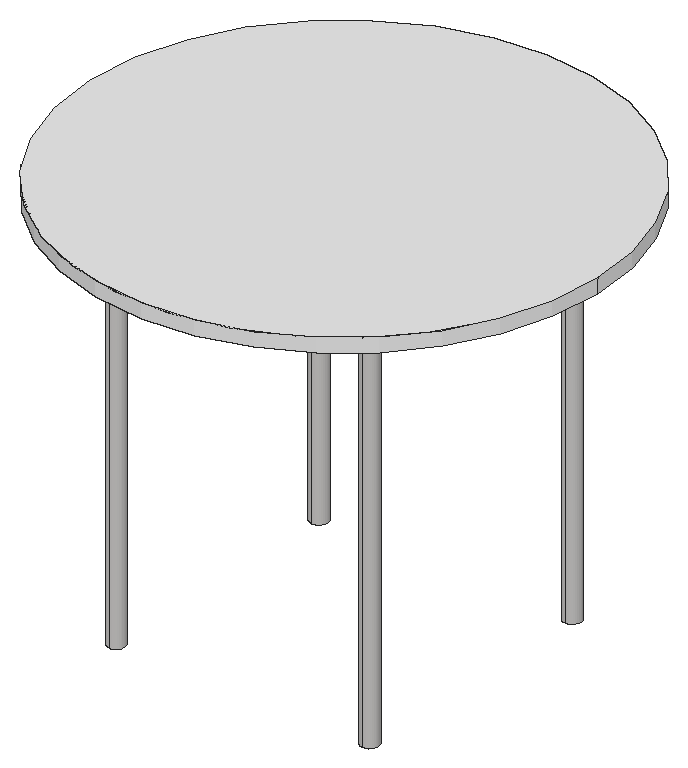
Revit family "Furniture_Table_Spacestor_Mezzo", category Furniture, Revit 2015
Parameters (values of type "Circular")
  trap depth [instance] = sqrt((((Width / 2) ^ 2) - (Width / 4) ^ 2))  # 389.711 mm
  Wsq [instance] = Width ^ 2  # 810000.00 mm²
  Width [instance] = 900 mm
  Trapezoidal = no
  Square = no
  Semi Circular = no
  Rectangular = no
  Polished Steel = Spacestor Polished Steel
  Outer Legs = or(Semi Circular, Trapezoidal)  # no
  Outer Leg Reach [instance] = Width / 4  # 225 mm
  Osbourne Table Top = Spacestor White
  Inner Legs = not(Outer Legs)  # yes
  Half Width [instance] = Width / 2  # 450 mm
  Depth [instance] = 700 mm
  Cntrs Width [instance] = if(Rectangular, Depth - 32 mm, if(Circular, Width / 2, if(Square, Width - 32 mm, if(Semi Circular, (trap depth) - 52 mm, if(Trapezoidal, (trap depth) - 52 mm, Width)))))  # 450 mm
  Cntrs Depth [instance] = if(Rectangular, Width - 32 mm, if(Circular, Width / 2, if(Square, Width - 32 mm, if(Semi Circular, (trap depth) - 52 mm, if(Trapezoidal, (trap depth) - 52 mm, Width)))))  # 450 mm
  Circular = yes
  4 Sided = or(Square, Rectangular)  # no
Types (6, lengths in mm): name | trap depth | Wsq | Width | Trapezoidal | Square | Semi Circular | Rectangular | Outer Legs | Outer Leg Reach | Inner Legs | Half Width | Depth | Cntrs Width | Cntrs Depth | Circular | 4 Sided
  (no name) | 389.711 | 810000.00 mm² | 900 | no | no | no | no | no | 225 | yes | 450 | 700 | 450 | 450 | yes | no
  Rectangular | 346.41 | 640000.00 mm² | 800 | no | no | no | yes | no | 200 | yes | 400 | 500 | 468 | 768 | no | yes
  Circular | 389.711 | 810000.00 mm² | 900 | no | no | no | no | no | 225 | yes | 450 | 700 | 450 | 450 | yes | no
  Semi-Circular | 433.013 | 1000000.00 mm² | 1000 | no | no | yes | no | yes | 250 | no | 500 | 500 | 381.013 | 381.013 | no | no
  Square | 433.013 | 1000000.00 mm² | 1000 | no | yes | no | no | no | 250 | yes | 500 | 500 | 968 | 968 | no | yes
  Trapezoidal | 866.025 | 4000000.00 mm² | 2000 | yes | no | no | no | yes | 500 | no | 1000 | 500 | 814.025 | 814.025 | no | no
Reference planes
  plane 1 "Center (Front/Back)": y = 0
  plane 2: z = 0
  plane 3 "Center (Left/Right)": x = 0
  plane 4: y = 450
  plane 5: x = 450
  plane 6: x = -225
  plane 7: x = 675
Forms (mm)
  Extrusion 1, solid, material "Spacestor White" <- "Osbourne Table Top", visible <- "Circular"
    sketch origin (0, 306.736, 695) x (1, 0, 0) y (0, 1, 0)
      loop
        circle (225, -81.736) r 450
    from 0 to 25
  Extrusion 2, solid, material "Spacestor Polished Steel" <- "Polished Steel", visible <- "Outer Legs"
    sketch origin (0, 306.736, 695) x (1, 0, 0) y (0, 1, 0)
      loop
        line (0, -296.736) -> (-212.5, -296.736) -> (-212.5, -316.736) -> (0, -316.736) -> (0, -296.736)
      loop
        line (450, -296.736) -> (450, -316.736) -> (662.5, -316.736) -> (662.5, -296.736) -> (450, -296.736)
    from 0 to -40
  Extrusion 3, solid, material "Spacestor Polished Steel" <- "Polished Steel", visible <- "Outer Legs"
    sketch origin (0, 306.736, 695) x (1, 0, 0) y (0, 1, 0)
      loop
        circle (-225, -306.736) r 15
      loop
        circle (675, -306.736) r 15
    from 0 to -695
  Extrusion 4, solid, material "Spacestor White" <- "Osbourne Table Top", visible <- "Semi Circular"
    sketch origin (0, 306.736, 720) x (1, 0, 0) y (0, 1, 0)
      loop
        arc (675, -332.736) -> (225, 117.264) -> (-225, -332.736) r 450
        line (-225, -332.736) -> (675, -332.736)
    from 0 to -25
  Extrusion 5, solid, material "Spacestor White" <- "Osbourne Table Top", visible <- "Trapezoidal"
    sketch origin (0, 306.736, 695) x (1, 0, 0) y (0, 1, 0)
      loop
        line (-225, -332.736) -> (675, -332.736) -> (450, 56.976) -> (0, 56.976) -> (-225, -332.736)
    from 0 to 25
  Extrusion 6, solid, material "Spacestor White" <- "Osbourne Table Top", visible <- "4 Sided"
    sketch origin (0, 306.736, 720) x (1, 0, 0) y (0, 1, 0)
      loop
        line (-16, -322.736) -> (466, -322.736) -> (466, 159.264) -> (-16, 159.264) -> (-16, -322.736)
    from 0 to -25
Dimensions and locks
  "Cntrs Depth": plane 4 to plane 1 "Center (Front/Back)"
  "Cntrs Width": plane 3 "Center (Left/Right)" to plane 5
  equal spacing: plane 3 "Center (Left/Right)", Extrusion 1 sketch curve, plane 5
  equal spacing: plane 1 "Center (Front/Back)", Extrusion 1 sketch curve, plane 4
  "Outer Leg Reach": plane 6 to plane 3 "Center (Left/Right)"
  "Outer Leg Reach": plane 5 to plane 7
  locked: Extrusion 2 sketch curve to plane 7 at 12.5
  equal spacing: plane 3 "Center (Left/Right)", Extrusion 4 sketch curve, plane 5
  locked: Extrusion 4 sketch curve to plane 1 "Center (Front/Back)" at 26
  "Width": Extrusion 5 sketch curve to Extrusion 5 sketch curve
  "Half Width": Extrusion 5 sketch curve to Extrusion 5 sketch curve
  locked: Extrusion 5 sketch curve to Extrusion 4 at 0
  Extrusion 5 to Extrusion 5 = 389.711 mm
  locked: plane 3 "Center (Left/Right)" to nested 1
  locked: Extrusion 6 sketch curve to plane 3 "Center (Left/Right)" at 16
  locked: Extrusion 5 to plane 1 "Center (Front/Back)" at 26
  locked: Extrusion 6 sketch curve to plane 1 "Center (Front/Back)" at 16
  locked: plane 5 to Extrusion 6 sketch curve at 16
  locked: Extrusion 6 sketch curve to plane 4 at 16
  "Width": diameter of Extrusion 1 sketch curve
  "Width": diameter of Extrusion 4 sketch curve
  diameter of Extrusion 3 sketch curve = 30 mm  (x2)
  locked: Extrusion 4 to Extrusion 5 sketch curve (angle 60.00°)
  locked: Extrusion 5 sketch curve to Extrusion 4 (angle 60.00°)
  aligned and locked: level to plane 2
  aligned and locked: Extrusion 3 to level
  aligned and locked: Extrusion 4 to Extrusion 5 sketch curve
  aligned and locked: Extrusion 4 to Extrusion 1
  aligned and locked: Extrusion 5 to Extrusion 1
  aligned and locked: nested 1 to plane 1 "Center (Front/Back)"
  aligned and locked: Extrusion 1 to Extrusion 6
  aligned and locked: plane 5 to Extrusion 2 sketch curve
  aligned and locked: plane 3 "Center (Left/Right)" to Extrusion 2 sketch curve
Automatic sketch dimensions
  Extrusion 2 to Extrusion 3 sketch curve = 12.5 mm  (x2)
  Extrusion 3 sketch curve to Extrusion 2 = 10 mm  (x2)
  plane 6 to Extrusion 2 sketch curve = 12.5 mm
  plane 1 "Center (Front/Back)" to Extrusion 2 sketch curve = 10 mm  (x2)
  Extrusion 2 sketch curve to plane 1 "Center (Front/Back)" = 10 mm  (x2)
Nested families
  nested 1: "Mezzo Frame" at (450, 0, 0) x (0, 1, 0) z (0, 0, 1), type "Mezzo Frame"
    with Width 450 mm, Inner Bar Width 400 mm, Depth 450 mm
Definition of nested family "Mezzo Frame"
  Parameters (values of type "Mezzo Frame")
    Width = 300 mm
    Polished Steel = none
    Inner Legs = yes
    Inner Bar Width = if(Depth < 450 mm, (Depth - 50 mm), 400 mm)  # 250 mm
    Depth = 300 mm
  Reference planes
    plane 1 "Center (Front/Back)": y = 0
    plane 2: z = 0
    plane 3 "Center (Left/Right)": x = 0
    plane 4: y = 300
    plane 5: x = 300
    plane 6: y = 150
  Forms (mm)
    Extrusion 1, solid, material <- "Polished Steel", visible <- "Inner Legs"
      sketch origin (0, 306.736, 0) x (1, 0, 0) y (0, 1, 0)
        loop
          circle (0, -6.736) r 15
      from 0 to 695
    Extrusion 2, solid, material <- "Polished Steel"
      sketch origin (0, 306.736, 695) x (1, 0, 0) y (0, 1, 0)
        loop
          line (10, -306.736) -> (10, -281.736) -> (290, -281.736) -> (290, -306.736) -> (310, -306.736) -> (310, -6.736) -> (290, -6.736) -> (290, -31.736) -> (10, -31.736) -> (10, -6.736) -> (-10, -6.736) -> (-10, -306.736) -> (10, -306.736)
        loop
          line (10, -51.736) -> (10, -261.736) -> (290, -261.736) -> (290, -51.736) -> (10, -51.736)
      from 0 to -40
    Extrusion 3, solid, material <- "Polished Steel", visible <- "Inner Legs"
      sketch origin (0, -193.264, 0) x (1, 0, 0) y (0, 1, 0)
        loop
          circle (0, 193.264) r 15
      from 0 to 695
    Extrusion 4, solid, material <- "Polished Steel"
      sketch origin (1000, -193.264, 0) x (1, 0, 0) y (0, 1, 0)
        loop
          circle (-700, 193.264) r 15
      from 0 to 695
    Extrusion 5, solid, material <- "Polished Steel"
      sketch origin (1000, 306.736, 0) x (1, 0, 0) y (0, 1, 0)
        loop
          circle (-700, -6.736) r 15
      from 0 to 695
  Cuts and joins
    joined: Extrusion 4, Extrusion 5
  Dimensions and locks
    "Depth": plane 4 to plane 1 "Center (Front/Back)"
    "Width": plane 3 "Center (Left/Right)" to plane 5
    plane 3 "Center (Left/Right)" to Extrusion 2 = 310 mm
    locked: Extrusion 2 sketch curve to Extrusion 2 sketch curve at 20  (x3)
    "Inner Bar Width": Extrusion 2 sketch curve to Extrusion 2 sketch curve
    equal spacing: Extrusion 2 sketch curve, plane 6, Extrusion 2 sketch curve
    equal spacing: plane 4, plane 6, plane 1 "Center (Front/Back)"
    "Width": Extrusion 2 sketch curve to Extrusion 2 sketch curve
    locked: Extrusion 2 sketch curve to plane 3 "Center (Left/Right)" at 10
    aligned and locked: level to plane 2
    aligned and locked: Extrusion 2 sketch curve to plane 1 "Center (Front/Back)"  (x2)
    aligned and locked: Extrusion 2 sketch curve to plane 4
    aligned and locked: plane 4 to Extrusion 2 sketch curve
    aligned and locked: Extrusion 2 sketch curve to Extrusion 2 sketch curve  (x2)
  Automatic sketch dimensions
    Extrusion 1 sketch curve to plane 3 "Center (Left/Right)" = 0 mm
    Extrusion 1 sketch curve to plane 4 = 0 mm
    plane 1 "Center (Front/Back)" to Extrusion 3 sketch curve = 0 mm
    Extrusion 3 sketch curve to plane 3 "Center (Left/Right)" = 0 mm
    plane 1 "Center (Front/Back)" to Extrusion 4 sketch curve = 0 mm
    Extrusion 4 sketch curve to plane 5 = 0 mm
    Extrusion 5 sketch curve to plane 4 = 0 mm
    Extrusion 5 sketch curve to plane 5 = 0 mm
    Extrusion 2 sketch curve to Extrusion 2 sketch curve = 20 mm  (x2)
    Extrusion 2 sketch curve to Extrusion 2 sketch curve = 0 mm
    radius of Extrusion 1 sketch curve = 15 mm
    radius of Extrusion 3 sketch curve = 15 mm
    radius of Extrusion 4 sketch curve = 15 mm
    radius of Extrusion 5 sketch curve = 15 mm
